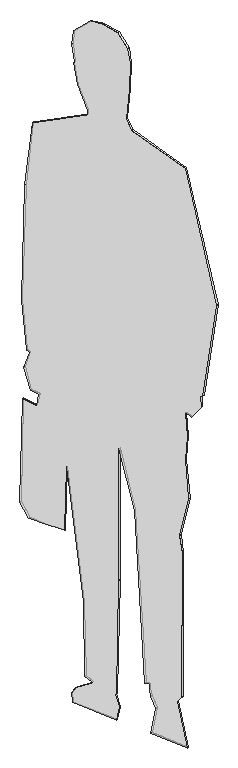
Revit family "Flat Man 04", category Entourage, Revit 2015
Parameters
  Linework [instance] = yes
  Height = 0 mm
  Flat Material [instance] = none
Reference planes
  plane 1 "Center (Front/Back)": y = 0
  plane 2: z = 0
  plane 3 "Center (Left/Right)": x = 0
  plane 4: z = 1600
  plane 5: z = 1800
Forms (mm)
  Extrusion 1, solid, material <- "Flat Material"
    sketch origin (0, 0, 0) x (1, 0, 0) y (0, 0, 1)
      loop
        line (-127.848, 273.901) -> (-123.735, 81.431) -> (-101.022, 73.86) -> (-149.645, 44.417) -> (-162.657, 24.76) -> (-159.86, 0) -> (-31.201, 0) -> (-23.799, 37.014) -> (-34.311, 65.737) -> (-31.195, 66.877) -> (-24.21, 366.435) -> (-24.21, 712.247) -> (20.206, 566.307) -> (51.318, 125.549) -> (64.204, 128.169) -> (64.622, 114.743) -> (68.323, 96.236) -> (83.129, 70.327) -> (68.323, 0) -> (175.663, 0) -> (146.052, 111.041) -> (159.044, 125.462) -> (160.857, 503.384) -> (153.454, 547.801) -> (179.364, 651.439) -> (168.26, 751.375) -> (175.663, 813.495) -> (169.187, 871.977) -> (186.767, 866.117) -> (216.377, 903.13) -> (214.402, 931.275) -> (220.079, 932.741) -> (260.794, 1184.433) -> (168.26, 1510.152) -> (12.803, 1554.568) -> (-2.104, 1579.412) -> (5.4, 1658.206) -> (9.102, 1728.531) -> (1.699, 1765.545) -> (-27.912, 1795.156) -> (-76.029, 1802.558) -> (-105.64, 1798.857) -> (-157.459, 1754.441) -> (-161.16, 1717.427) -> (-153.758, 1673.011) -> (-157.791, 1670.86) -> (-146.355, 1617.491) -> (-116.744, 1561.97) -> (-116.744, 1550.866) -> (-275.902, 1473.138) -> (-298.11, 1302.876) -> (-309.214, 999.366) -> (-294.409, 873.52) -> (-285.825, 869.228) -> (-301.812, 825.402) -> (-282.925, 771.54) -> (-257.23, 770.484) -> (-265.757, 739.555) -> (-305.513, 743.972) -> (-312.916, 470.073) -> (-287.006, 436.76) -> (-238.889, 436.76) -> (-183.369, 440.462) -> (-176.851, 609.919) -> (-127.848, 273.901)
    from -2.5 to 2.5
Lines and regions (mm)
  model lines
    curve 1: line (0, 150, 0) -> (0, -150, 0)
    curve 2: line (-150, 0, 0) -> (150, 0, 0)
Dimensions and locks
  aligned and locked: level to plane 2
